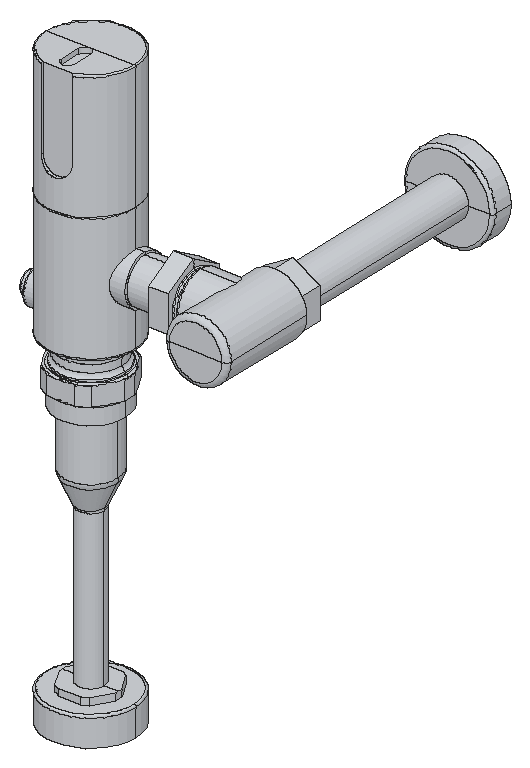
Revit family "Flushometer-Urinal_Touchless-KOHLER-MACH_WAVE-K-40UH00D20_1", category Plumbing Fixtures, host Face, Revit 2017 (continued)
Definition of nested family "K-40UH00D20"
  Automatic sketch dimensions
    Extrusion 5 sketch curve to plane 22 = 0.22748"  (x2)
    plane 4 "A" to Extrusion 5 sketch curve = 0.50098"  (x2)
    Extrusion 6 sketch curve to plane 7 = 0"  (x2)
    Extrusion 6 sketch curve to plane 22 = 0.29049"  (x2)
    plane 4 "A" to Extrusion 6 sketch curve = 0.43797"  (x2)
    Masking region 1 sketch curve to Masking region 1 sketch curve = 0"  (x4)
    Masking region 1 sketch curve to plane 19 = 0"
    plane 23 to Masking region 1 sketch curve = 0"
    Masking region 1 sketch curve to plane 13 = 0"
    Masking region 1 sketch curve to plane 3 "Center (Left/Right)" = 0"
    Masking region 1 sketch curve to plane 20 = 0"
    plane 10 to Masking region 1 sketch curve = 0"
    plane 1 "Center (Front/Back)" to Masking region 1 sketch curve = 0"
    Masking region 1 sketch curve to plane 11 = 0"
    Masking region 1 sketch curve to Masking region 1 sketch curve = 0.08491"  (x2)
    plane 19 to Masking region 1 sketch curve = 0.37406"
    plane 19 to Masking region 1 sketch curve = 0.49141"
    plane 13 to Masking region 1 sketch curve = 0.13288"
    plane 7 to Masking region 1 sketch curve = 0.56264"
    Masking region 1 sketch curve to plane 7 = 0.56264"
    plane 18 to Masking region 1 sketch curve = 0.51667"
    plane 18 to Masking region 1 sketch curve = 0.49141"
    Masking region 1 sketch curve to Masking region 1 sketch curve = 0.11735"
    plane 18 to Masking region 1 sketch curve = 0.37406"
    Masking region 1 sketch curve to Masking region 1 sketch curve = 0.0484"  (x3)
    Masking region 1 sketch curve to Masking region 1 sketch curve = 0.05396"  (x2)
    Masking region 1 sketch curve to Masking region 1 sketch curve = 0.03442"  (x2)
    Masking region 1 sketch curve to plane 9 = 0.25394"  (x2)
    plane 9 to Masking region 1 sketch curve = 0.20459"  (x2)
    plane 8 to Masking region 1 sketch curve = 0.10236"  (x2)
    Masking region 1 sketch curve to plane 8 = 0.20548"  (x2)
    Masking region 1 sketch curve to Masking region 1 sketch curve = 0.07011"  (x2)
    plane 20 to Masking region 1 sketch curve = 0.05933"  (x2)
    Masking region 1 sketch curve to plane 10 = 0.3"  (x2)
    plane 10 to Masking region 1 sketch curve = 0.32205"  (x2)
    plane 10 to Masking region 1 sketch curve = 0.38227"
    Masking region 1 sketch curve to Masking region 1 sketch curve = 0.11563"
    Masking region 1 sketch curve to Masking region 1 sketch curve = 0.02005"
    Masking region 1 sketch curve to Masking region 1 sketch curve = 0.09499"
    Masking region 1 sketch curve to Masking region 1 sketch curve = 0.05143"
    Masking region 1 sketch curve to Masking region 1 sketch curve = 0.11441"
    Masking region 1 sketch curve to Masking region 1 sketch curve = 0.17374"
    plane 11 to Masking region 1 sketch curve = 0.61614"
    plane 11 to Masking region 1 sketch curve = 0.51168"
    Masking region 1 sketch curve to Masking region 1 sketch curve = 0.00555"
    Masking region 1 sketch curve to Masking region 1 sketch curve = 0.23387"
    curve 5 to curve 6 = 0"  (x2)
    curve 5 to curve 7 = 0"  (x2)
    curve 5 to curve 8 = 0"  (x2)
    curve 5 to curve 12 = 0"  (x2)
    curve 6 to curve 7 = 0"  (x2)
    curve 6 to curve 8 = 0"  (x2)
    curve 6 to curve 12 = 0"  (x2)
    curve 7 to curve 8 = 0"  (x2)
    curve 7 to curve 12 = 0"  (x2)
    curve 8 to curve 12 = 0"  (x2)
    curve 36 to plane 19 = 0"
    plane 23 to curve 35 = 0"
    plane 1 "Center (Front/Back)" to curve 34 = 0"
    curve 36 to plane 18 = 0"
    plane 1 "Center (Front/Back)" to curve 7 = 0"
    curve 7 to plane 9 = 0"
    curve 12 to plane 3 "Center (Left/Right)" = 0"
    curve 13 to plane 3 "Center (Left/Right)" = 0"
    curve 6 to plane 8 = 0"
    plane 1 "Center (Front/Back)" to curve 2 = 0"
    plane 19 to curve 29 = 0.58939"
    plane 7 to curve 31 = 0.16061"
    curve 27 to plane 7 = 0.16061"
    curve 32 to plane 7 = 0.4045"
    curve 33 to plane 1 "Center (Front/Back)" = 0.20585"
    curve 33 to plane 7 = 0.4045"
    curve 27 to curve 26 = 1/2"
    curve 33 to curve 34 = 0.26481"
    plane 11 to curve 11 = 0.11619"
    plane 3 "Center (Left/Right)" to curve 11 = 0.42988"
    plane 3 "Center (Left/Right)" to curve 15 = 0.18307"
    curve 14 to curve 9 = 0.24681"
    curve 4 to plane 8 = 0.09442"
    curve 3 to plane 8 = 0.09442"
    plane 20 to curve 2 = 0.03328"
    plane 10 to curve 30 = 0.32205"
    curve 27 to curve 30 = 0"
    plane 10 to curve 21 = 0.47726"
    curve 3 to plane 1 "Center (Front/Back)" = 0.18412"
    curve 5 to curve 13 = 0.20669"
    plane 11 to curve 23 = 0.47726"
    plane 11 to curve 16 = 0.45276"
    plane 13 to curve 79 = 0.14261"
    plane 19 to curve 79 = 0.37441"
    plane 7 to curve 35 = 0.56264"
    curve 29 to curve 25 = 0.09815"
    curve 25 to curve 26 = 0.09797"
    curve 35 to plane 7 = 0.56264"
    plane 18 to curve 32 = 0.37406"
    curve 26 to curve 33 = 0.21533"
    plane 18 to curve 79 = 0.37406"
    curve 20 to curve 19 = 0.10322"
    curve 23 to curve 18 = 0"
    curve 21 to curve 18 = 0"
    curve 17 to plane 9 = 0.25394"
    plane 9 to curve 7 = 0.20459"
    plane 9 to curve 8 = 0.20459"
    plane 8 to curve 6 = 0.10236"
    plane 8 to curve 5 = 0.10236"
    curve 2 to curve 3 = 0.18117"
    curve 36 to plane 23 = 0.08491"
    curve 29 to plane 10 = 0.3"
    curve 26 to plane 10 = 0.3"
    curve 28 to plane 10 = 0.3"
    curve 26 to curve 33 = 0.11563"
    curve 19 to curve 20 = 0.03442"
    curve 21 to curve 18 = 0.13888"
    curve 7 to curve 17 = 0.05143"
    curve 1 to curve 3 = 0.12677"
    curve 22 to plane 1 "Center (Front/Back)" = 0.05692"
    plane 1 "Center (Front/Back)" to curve 24 = 0.05692"
    curve 4 to curve 1 = 0.12677"
    curve 17 to curve 8 = 0.05143"
    curve 18 to curve 23 = 0.13888"
    curve 20 to curve 19 = 0.03442"
    plane 11 to curve 32 = 0.43768"
    curve 9 to curve 12 = 0.00543"
    curve 12 to curve 11 = 0.03452"
    curve 12 to curve 10 = 0.03452"
    Revolve 11 sketch curve to level = 0"
    Revolve 11 sketch curve to plane 3 "Center (Left/Right)" = 0"  (x2)
    plane 9 to Revolve 11 sketch curve = 0"  (x3)
    plane 3 "Center (Left/Right)" to Revolve 11 sketch curve = 3/8"
    Revolve 11 sketch curve to Revolve 11 sketch curve = 0.01565"
    plane 3 "Center (Left/Right)" to Revolve 11 sketch curve = 0.41839"
    Revolve 11 sketch curve to Revolve 11 sketch curve = 0.15135"
    Revolve 11 sketch curve to Revolve 11 sketch curve = 0.30762"
    plane 9 to Revolve 11 sketch curve = 63/128"
    plane 9 to Revolve 11 sketch curve = 0.38333"
    plane 9 to Revolve 11 sketch curve = 0.32591"
    plane 16 to Revolve 11 sketch curve = 1/128"
    Revolve 11 sketch curve to Revolve 11 sketch curve = 0.07563"
    Revolve 11 sketch curve to Revolve 11 sketch curve = 0.22644"
    Revolve 11 sketch curve to Revolve 11 sketch curve = 0.05918"
    Revolve 11 sketch curve to plane 17 = 0.00832"
    Revolve 11 sketch curve to Revolve 11 sketch curve = 0.02806"
    plane 17 to Revolve 11 sketch curve = 0.03176"
    Revolve 11 sketch curve to Revolve 11 sketch curve = 0.09501"
    plane 16 to Revolve 11 sketch curve = 0.02105"
    Revolve 11 sketch curve to Revolve 11 sketch curve = 0.07509"
    plane 9 to Revolve 11 sketch curve = 0.11631"
    Revolve 11 sketch curve to Revolve 11 sketch curve = 0.05712"
    plane 16 to Revolve 11 sketch curve = 0.04719"
    Revolve 11 sketch curve to Revolve 11 sketch curve = 0.0147"  (x2)
    Revolve 11 sketch curve to plane 17 = 0.05784"
    Revolve 11 sketch curve to Revolve 11 sketch curve = 11/256"
    plane 9 to Revolve 11 sketch curve = 0.06795"
    plane 9 to Revolve 11 sketch curve = 0.05891"
    plane 9 to Revolve 11 sketch curve = 0.03642"
    Revolve 11 sketch curve to Revolve 11 sketch curve = 0.03287"
    Revolve 11 sketch curve to Revolve 11 sketch curve = 0.03235"
    Revolve 11 sketch curve to Revolve 11 sketch curve = 0.02814"
    level to Revolve 11 sketch curve = 0.75359"
    Revolve 11 sketch curve to Revolve 11 sketch curve = 3/16"
    plane 17 to Revolve 11 sketch curve = 3.01711"
    Revolve 11 sketch curve to Revolve 11 sketch curve = 0.71919"
    plane 17 to Revolve 11 sketch curve = 0.47885"
    Revolve 11 sketch curve to plane 16 = 0.03563"
    Revolve 11 sketch curve to Revolve 11 sketch curve = 0.20814"
    plane 14 to Revolve 11 sketch curve = 0.44548"
    Revolve 11 sketch curve to plane 6 = 2 3/4"
    Revolve 11 sketch curve to Revolve 11 sketch curve = 2 3/4"
    Masking region 3 sketch curve to plane 13 = 0"
    Masking region 3 sketch curve to plane 11 = 0"  (x4)
    plane 16 to Masking region 3 sketch curve = 0"  (x2)
    plane 17 to Masking region 3 sketch curve = 0"  (x2)
    Masking region 3 sketch curve to plane 10 = 0"  (x4)
    Masking region 3 sketch curve to plane 23 = 0"
    Masking region 3 sketch curve to plane 14 = 0"
    Masking region 3 sketch curve to plane 13 = 0.60717"
    plane 13 to Masking region 3 sketch curve = 0.14718"  (x2)
    Masking region 3 sketch curve to Masking region 3 sketch curve = 0.02816"  (x2)
    plane 11 to Masking region 3 sketch curve = 0.0311"
    plane 11 to Masking region 3 sketch curve = 0.0361"
    plane 11 to Masking region 3 sketch curve = 0.05371"
    Masking region 3 sketch curve to Masking region 3 sketch curve = 0.05988"  (x2)
    Masking region 3 sketch curve to Masking region 3 sketch curve = 0.04483"
    plane 6 to Masking region 3 sketch curve = 0.0382"
    plane 11 to Masking region 3 sketch curve = 0.07624"
    plane 11 to Masking region 3 sketch curve = 0.20067"
    Masking region 3 sketch curve to Masking region 3 sketch curve = 0.01587"
    Masking region 3 sketch curve to Masking region 3 sketch curve = 0.04921"  (x2)
    Masking region 3 sketch curve to plane 16 = 0.03563"  (x2)
    Masking region 3 sketch curve to Masking region 3 sketch curve = 0.09116"
    Masking region 3 sketch curve to Masking region 3 sketch curve = 0.18237"
    Masking region 3 sketch curve to Masking region 3 sketch curve = 0.22644"
    Masking region 3 sketch curve to Masking region 3 sketch curve = 0.45743"
    Masking region 3 sketch curve to Masking region 3 sketch curve = 0.03497"
    plane 11 to Masking region 3 sketch curve = 0.62119"
    Masking region 3 sketch curve to Masking region 3 sketch curve = 0.23025"  (x2)
    Masking region 3 sketch curve to Masking region 3 sketch curve = 0.3732"
    Masking region 3 sketch curve to Masking region 3 sketch curve = 0.0238"  (x2)
    Masking region 3 sketch curve to plane 1 "Center (Front/Back)" = 0.37476"
    Masking region 3 sketch curve to plane 1 "Center (Front/Back)" = 0.38461"
    Masking region 3 sketch curve to Masking region 3 sketch curve = 0.33824"
    Masking region 3 sketch curve to Masking region 3 sketch curve = 0.35793"
    plane 10 to Masking region 3 sketch curve = 63/128"
    plane 10 to Masking region 3 sketch curve = 0.38304"
    Masking region 3 sketch curve to Masking region 3 sketch curve = 0.07534"
    plane 10 to Masking region 3 sketch curve = 0.26575"
    Masking region 3 sketch curve to Masking region 3 sketch curve = 0.10702"
    plane 10 to Masking region 3 sketch curve = 0.07299"
    plane 10 to Masking region 3 sketch curve = 0.05371"
    plane 6 to Masking region 3 sketch curve = 0.04025"
    Masking region 3 sketch curve to Masking region 3 sketch curve = 0.03503"
    Masking region 3 sketch curve to Masking region 3 sketch curve = 0.03194"
    Masking region 3 sketch curve to plane 14 = 0.0804"
    Masking region 3 sketch curve to plane 5 = 0.0179"
    level to Masking region 3 sketch curve = 0.75262"
    Masking region 3 sketch curve to Masking region 3 sketch curve = 0.75262"
    Masking region 3 sketch curve to Masking region 3 sketch curve = 3/16"  (x2)
    plane 17 to Masking region 3 sketch curve = 3.04236"
    Masking region 3 sketch curve to Masking region 3 sketch curve = 0"
    Masking region 3 sketch curve to Masking region 3 sketch curve = 0.69543"  (x2)
    plane 17 to Masking region 3 sketch curve = 0.47885"  (x2)
    Masking region 3 sketch curve to Masking region 3 sketch curve = 0.18862"  (x2)
    plane 22 to Masking region 3 sketch curve = 0.14583"
    Masking region 3 sketch curve to plane 22 = 0.1665"
    plane 4 "A" to Masking region 3 sketch curve = 0.56196"
    Masking region 3 sketch curve to plane 14 = 0.52288"
    Masking region 3 sketch curve to plane 14 = 0.37406"
    plane 14 to Masking region 3 sketch curve = 0.4426"
    Masking region 3 sketch curve to Masking region 3 sketch curve = 0.82671"
    Revolve 12 sketch curve to plane 8 = 0"  (x2)
    Revolve 12 sketch curve to level = 0"
    Revolve 12 sketch curve to plane 3 "Center (Left/Right)" = 0"  (x2)
    plane 8 to Revolve 12 sketch curve = 63/128"
    Revolve 12 sketch curve to plane 3 "Center (Left/Right)" = 3/8"
    Revolve 12 sketch curve to Revolve 12 sketch curve = 0.81496"
    plane 17 to Revolve 12 sketch curve = 2.95353"
    plane 17 to Revolve 12 sketch curve = 0.47885"
    Revolve 12 sketch curve to Revolve 12 sketch curve = 1 1/2"
    Revolve 12 sketch curve to Revolve 12 sketch curve = 1"
    Revolve 13 sketch curve to plane 7 = 0"
    Revolve 13 sketch curve to Revolve 13 sketch curve = 0.3133"
    plane 12 to Revolve 13 sketch curve = 0.84583"
    Revolve 13 sketch curve to Revolve 13 sketch curve = 1/2"
    Revolve 3 sketch curve to Revolve 3 sketch curve = 0.05745"
    Masking region 2 sketch curve to plane 20 = 0"
    Masking region 2 sketch curve to plane 22 = 0"
    Masking region 2 sketch curve to plane 8 = 0"  (x4)
    Masking region 2 sketch curve to plane 16 = 0"
    Masking region 2 sketch curve to plane 17 = 0"
    plane 9 to Masking region 2 sketch curve = 0"  (x4)
    Masking region 2 sketch curve to plane 4 "A" = 0"
    Masking region 2 sketch curve to plane 7 = 0"
    plane 20 to Masking region 2 sketch curve = 0.06015"
    Masking region 2 sketch curve to Masking region 2 sketch curve = 0.06015"
    Masking region 2 sketch curve to Masking region 2 sketch curve = 0.16426"  (x2)
    Masking region 2 sketch curve to Masking region 2 sketch curve = 0.02512"
    Masking region 2 sketch curve to Masking region 2 sketch curve = 0.0612"
    Masking region 2 sketch curve to plane 8 = 0.09402"
    Masking region 2 sketch curve to plane 22 = 0.03555"
    Masking region 2 sketch curve to Masking region 2 sketch curve = 0.05138"
    plane 8 to Masking region 2 sketch curve = 0.02746"
    plane 8 to Masking region 2 sketch curve = 0.03129"
    Masking region 2 sketch curve to Masking region 2 sketch curve = 0.00106"
    Masking region 2 sketch curve to Masking region 2 sketch curve = 0.03607"  (x2)
    plane 8 to Masking region 2 sketch curve = 0.05773"
    plane 8 to Masking region 2 sketch curve = 0.07626"
    plane 8 to Masking region 2 sketch curve = 0.16319"
    Masking region 2 sketch curve to Masking region 2 sketch curve = 0.04228"
    Masking region 2 sketch curve to Masking region 2 sketch curve = 0.00475"
    Masking region 2 sketch curve to Masking region 2 sketch curve = 0.06286"
    plane 8 to Masking region 2 sketch curve = 0.26575"
    Masking region 2 sketch curve to Masking region 2 sketch curve = 0.10223"  (x2)
    Masking region 2 sketch curve to Masking region 2 sketch curve = 0.07532"  (x2)
    Masking region 2 sketch curve to Masking region 2 sketch curve = 13/32"
    plane 8 to Masking region 2 sketch curve = 63/128"
    Masking region 2 sketch curve to Masking region 2 sketch curve = 0.02861"  (x2)
    Masking region 2 sketch curve to plane 3 "Center (Left/Right)" = 0.51608"
    Masking region 2 sketch curve to Masking region 2 sketch curve = 0.27675"  (x2)
    Masking region 2 sketch curve to Masking region 2 sketch curve = 0.12786"  (x2)
    Masking region 2 sketch curve to Masking region 2 sketch curve = 0.01322"  (x2)
    plane 3 "Center (Left/Right)" to Masking region 2 sketch curve = 3/8"
    plane 3 "Center (Left/Right)" to Masking region 2 sketch curve = 0.45245"
    Masking region 2 sketch curve to Masking region 2 sketch curve = 0.41103"
    plane 9 to Masking region 2 sketch curve = 0.38302"
    Masking region 2 sketch curve to plane 16 = 0.03563"  (x2)
    Masking region 2 sketch curve to Masking region 2 sketch curve = 0.22644"
    plane 17 to Masking region 2 sketch curve = 0.0397"
    Masking region 2 sketch curve to Masking region 2 sketch curve = 0.1728"
    plane 16 to Masking region 2 sketch curve = 0.04228"
    plane 9 to Masking region 2 sketch curve = 0.07626"
    Masking region 2 sketch curve to Masking region 2 sketch curve = 0.05773"
    Masking region 2 sketch curve to Masking region 2 sketch curve = 0.03235"
    Masking region 2 sketch curve to Masking region 2 sketch curve = 0.03129"
    Masking region 2 sketch curve to Masking region 2 sketch curve = 0.02746"
    Masking region 2 sketch curve to plane 9 = 0.25394"  (x2)
    Masking region 2 sketch curve to plane 22 = 0.09489"
    plane 22 to Masking region 2 sketch curve = 0.00986"
    plane 25 to Masking region 2 sketch curve = 0.03302"
    Masking region 2 sketch curve to Masking region 2 sketch curve = 0.03381"
    Masking region 2 sketch curve to Masking region 2 sketch curve = 0.0702"
    Masking region 2 sketch curve to Masking region 2 sketch curve = 0.0694"
    Masking region 2 sketch curve to Masking region 2 sketch curve = 0.05689"  (x2)
    plane 22 to Masking region 2 sketch curve = 0.02587"
    Masking region 2 sketch curve to plane 18 = 0.0569"
    Masking region 2 sketch curve to Masking region 2 sketch curve = 0.04087"
    plane 18 to Masking region 2 sketch curve = 0.29977"
    plane 22 to Masking region 2 sketch curve = 0.08367"
    level to Masking region 2 sketch curve = 0.75477"  (x2)
    Masking region 2 sketch curve to Masking region 2 sketch curve = 3/16"  (x2)
    Masking region 2 sketch curve to Masking region 2 sketch curve = 2.53431"
    Masking region 2 sketch curve to Masking region 2 sketch curve = 0"  (x2)
    Masking region 2 sketch curve to Masking region 2 sketch curve = 0.73124"  (x2)
    Masking region 2 sketch curve to Masking region 2 sketch curve = 0.43915"
    Masking region 2 sketch curve to Masking region 2 sketch curve = 0.21605"  (x2)
    Masking region 2 sketch curve to Masking region 2 sketch curve = 0.12445"
    Masking region 2 sketch curve to Masking region 2 sketch curve = 0.12282"
    Masking region 2 sketch curve to plane 5 = 0.18553"
    plane 22 to Masking region 2 sketch curve = 0.2083"
    Masking region 2 sketch curve to plane 22 = 0.04318"
    Masking region 2 sketch curve to Masking region 2 sketch curve = 0.07381"
    Masking region 2 sketch curve to Masking region 2 sketch curve = 0.0578"
    plane 14 to Masking region 2 sketch curve = 0.44707"  (x2)
    Masking region 2 sketch curve to Masking region 2 sketch curve = 0.03039"
    curve 68 to curve 75 = 0.55118"
    Masking region 1 sketch curve to plane 18 = 0.0523"  (x2)
    Masking region 1 sketch curve to Masking region 1 sketch curve = 0.06879"  (x2)
    Masking region 1 sketch curve to Masking region 1 sketch curve = 0.55118"  (x2)
    Masking region 2 sketch curve to plane 25 = 0"  (x2)
    Revolve 16 sketch curve to plane 3 "Center (Left/Right)" = 0"
    Revolve 16 sketch curve to plane 7 = 0"
    Revolve 16 sketch curve to plane 14 = 0.43786"
    Revolve 16 sketch curve to plane 14 = 0.24803"
    Revolve 16 sketch curve to Revolve 16 sketch curve = 1/2"
    Revolve 16 sketch curve to plane 8 = 1/4"
    plane 1 "Center (Front/Back)" to Extrusion 17 sketch curve = 0"
    Extrusion 17 sketch curve to plane 3 "Center (Left/Right)" = 0"
    radius of Extrusion 1 sketch curve = 1.31929"
    radius of Extrusion 2 sketch curve = 1.08041"
    radius of Extrusion 5 sketch curve = 1.18947"
    radius of Extrusion 6 sketch curve = 1.06894"
    radius of Extrusion 14 sketch curve = 0.49459"
    radius of Extrusion 15 sketch curve = 0.22469"
    radius of Extrusion 17 sketch curve = 0.0897"
Definition of nested family "K-40UH00D20_RF"
  Parameters (values of type "K-40UH00D20_RF")
    Material = none
  Reference planes (in)
    plane 1 "Center (Front/Back)": y = 0
    plane 2: z = 0
    plane 3 "Center (Left/Right)": x = 0
    plane 4: x = -1.25
    plane 5: x = 1.25
    plane 6: y = 1.25
    plane 7: y = -1.25
    plane 8: x = 3.5
    plane 9: x = -1.75
    plane 10: z = 8.0625
    plane 11: z = 2.75
    plane 12: z = 1.625
    plane 13: z = 3.41339
    plane 14: z = 2.08661
  Forms (in)
    Revolve 1, solid, material <- "Material", detail levels medium+fine
      sketch origin (0, 0, 0) x (1, 0, 0) y (0, 0, 1)
        loop
          line (-0.88082, 0) -> (0, 0) -> (0, 8.0625) -> (-1.14375, 8.0625)
          arc (-1.14375, 8.0625) -> (-1.21888, 8.03138) -> (-1.25, 7.95625) r 0.10625
          line (-1.25, 7.95625) -> (-1.25, 4.50787) -> (-1.21881, 4.50787)
          arc (-1.21881, 4.50787) -> (-1.24098, 4.4975) -> (-1.25, 4.47475) r 0.03319
          line (-1.25, 4.47475) -> (-1.25, 0.99317)
          arc (-1.25, 0.99317) -> (-1.23586, 0.95902) -> (-1.20172, 0.94488) r 0.04828
          line (-1.20172, 0.94488) -> (-1.14484, 0.94488)
          arc (-1.14484, 0.94488) -> (-0.94613, 0.8404) -> (-0.86657, 0.63047) r 0.31676
          line (-0.86657, 0.63047) -> (-0.86657, 0.39337)
          arc (-0.86657, 0.39337) -> (-0.88525, 0.32461) -> (-0.93614, 0.27475) r 0.13591
          line (-0.93614, 0.27475) -> (-0.93614, 0.05532)
          arc (-0.93614, 0.05532) -> (-0.91994, 0.0162) -> (-0.88082, 0) r 0.05532
        axis (0, 8.0625) -> (0, 0)
      angle from 0 to 360
    Revolve 2, solid, material <- "Material", detail levels medium+fine
      sketch origin (0, 0, 0) x (1, 0, 0) y (0, 0, 1)
        loop
          line (-1.56851, 1.90216) -> (-1.72648, 1.90216)
          arc (-1.72648, 1.90216) -> (-1.74311, 1.89527) -> (-1.75, 1.87864) r 0.02352
          line (-1.75, 1.87864) -> (-1.75, 1.625) -> (-0.80386, 1.625) -> (-0.80386, 2.12686) -> (-1.50097, 2.12686)
          arc (-1.50097, 2.12686) -> (-1.51838, 2.11965) -> (-1.52559, 2.10224) r 0.02462
          line (-1.52559, 2.10224) -> (-1.52559, 1.94508)
          arc (-1.52559, 1.94508) -> (-1.53816, 1.91473) -> (-1.56851, 1.90216) r 0.04292
        axis (-1.75, 1.625) -> (-0.80386, 1.625)
      angle from 0 to 360
    Revolve 3, solid, material <- "Material", detail levels medium+fine
      sketch origin (0, 0, 0) x (1, 0, 0) y (0, 0, 1)
        loop
          arc (3.5, 3.69017) -> (3.47483, 3.75093) -> (3.41406, 3.7761) r 0.08594
          line (3.41406, 3.7761) -> (3.02725, 3.7761)
          arc (3.02725, 3.7761) -> (2.96622, 3.75083) -> (2.94094, 3.6898) r 0.08631
          line (2.94094, 3.6898) -> (2.94094, 3.41339) -> (1.50394, 3.41339)
          arc (1.50394, 3.41339) -> (1.48689, 3.45104) -> (1.44853, 3.46644) r 0.05546
          line (1.44853, 3.46644) -> (0, 3.46644) -> (0, 2.75) -> (3.5, 2.75) -> (3.5, 3.69017)
        axis (0, 2.75) -> (3.5, 2.75)
      angle from 0 to 360
    Extrusion 4, void
      sketch origin (0, 0, 0) x (1, 0, 0) y (0, 0, 1)
        loop
          line (-1.50119, 2.08661) -> (-1.36715, 2.08661)
          arc (-1.36715, 2.08661) -> (-1.35018, 2.09038) -> (-1.33639, 2.10096) r 0.04016
          line (-1.33639, 2.10096) -> (-1.29886, 2.14569) -> (-1.52559, 2.14569) -> (-1.52559, 2.06221)
          arc (-1.52559, 2.06221) -> (-1.51844, 2.07947) -> (-1.50119, 2.08661) r 0.0244
        loop
          arc (-1.50119, 1.16339) -> (-1.51844, 1.17053) -> (-1.52559, 1.18779) r 0.0244
          line (-1.52559, 1.18779) -> (-1.52559, 1.10431) -> (-1.29886, 1.10431) -> (-1.33639, 1.14904)
          arc (-1.33639, 1.14904) -> (-1.35018, 1.15962) -> (-1.36715, 1.16339) r 0.04016
          line (-1.36715, 1.16339) -> (-1.50119, 1.16339)
      from -0.68678 to 0.88583
    Extrusion 5, void
      sketch origin (0, 0, 0) x (0, 1, 0) y (0, 0, 1)
        loop
          line (0.07137, 3.73166) -> (-0.07137, 3.73166) -> (-0.81446, 3.30264) -> (-0.88583, 3.17903) -> (-0.88583, 2.32097) -> (-0.81446, 2.19736) -> (-0.05091, 1.75653) -> (0.05091, 1.75653) -> (0.81446, 2.19736) -> (0.88583, 2.32097) -> (0.88583, 3.17903) -> (0.81446, 3.30264) -> (0.07137, 3.73166)
        loop
          circle (0, 2.75) r 1.31266
      from 2.77746 to 3.82054
    Extrusion 6, void
      sketch origin (0, 0, 0) x (1, 0, 0) y (0, 1, 0)
        loop
          line (-0.1811, -0.20669) -> (-0.1811, -0.79724)
          arc (-0.1811, -0.79724) -> (0, -0.97835) -> (0.1811, -0.79724) r 0.1811
          line (0.1811, -0.79724) -> (0.1811, -0.20669)
          arc (0.1811, -0.20669) -> (0, -0.02559) -> (-0.1811, -0.20669) r 0.1811
      from 8.01842 to 8.37387
    Sweep 7, void
      path origin (0, 0, 0) x (0, 1, 0) y (0, 0, 1)
        loop
          line (-1.18134, 9.15133) -> (-1.18134, 5.77936)
          arc (-1.18134, 5.77936) -> (-1.23122, 5.4282) -> (-1.37691, 5.10481) r 1.26114
      profile origin (0, -1.18134, 7.46535) x (1, 0, 0) y (0, 1, 0)
        loop
          line (0.43832, 0) -> (-0.43832, 0) -> (-0.43832, -0.13731) -> (0.43832, -0.13731) -> (0.43832, 0)
    Revolve 8, solid, material <- "Material", detail levels coarse
      sketch origin (0, 0, 0) x (1, 0, 0) y (0, 0, 1)
        loop
          line (-1.25, 8.0625) -> (-1.25, 0.94488) -> (-0.93614, 0.94488) -> (-0.93614, 0) -> (0, 0) -> (0, 8.0625) -> (-1.25, 8.0625)
        axis (0, 8.0625) -> (0, 0)
      angle from 0 to 360
    Revolve 9, solid, material <- "Material", detail levels coarse
      sketch origin (0, 0, 0) x (1, 0, 0) y (0, 0, 1)
        loop
          line (0, 3.41339) -> (0, 2.75) -> (3.5, 2.75) -> (3.5, 3.73166) -> (2.94094, 3.73166) -> (2.94094, 3.41339) -> (0, 3.41339)
        axis (0, 2.75) -> (3.5, 2.75)
      angle from 0 to 360
    Revolve 10, solid, material <- "Material", detail levels coarse
      sketch origin (0, 0, 0) x (1, 0, 0) y (0, 0, 1)
        loop
          line (-1.75, 2.08661) -> (-1.75, 1.625) -> (-0.84874, 1.625) -> (-0.84874, 2.08661) -> (-1.75, 2.08661)
        axis (-1.75, 1.625) -> (-0.84874, 1.625)
      angle from 0 to 360
    Extrusion 11, solid, material <- "Material", detail levels medium+fine
      sketch origin (0, 0, 0) x (0, 1, 0) y (0, 0, 1)
        loop
          circle (0, 2.75) r 0.09716
      from 3.30818 to 3.5
    Extrusion 12, solid, material <- "Material", detail levels medium+fine
      sketch origin (0, 0, 0) x (1, 0, 0) y (0, 1, 0)
        loop
          circle (0, 0) r 0.12586
      from 0 to 0.11998
  Cuts and joins
    Extrusion 6, Sweep 7 cuts Revolve 1
    Extrusion 4 cuts Revolve 2
    Extrusion 5 cuts Revolve 3
    joined: Revolve 1, Revolve 2, Revolve 3
  Lines and regions (in)
    Masking region 1
      outline origin (0, 0, 0) x (1, 0, 0) y (0, 0, 1)
        loop
          line (-0.93614, 0.27475) -> (-0.93614, 0.05532)
          arc (-0.93614, 0.05532) -> (-0.91994, 0.0162) -> (-0.88082, 0) r 0.05532
          line (-0.88082, 0) -> (0.88082, 0)
          arc (0.88082, 0) -> (0.91994, 0.0162) -> (0.93614, 0.05532) r 0.05532
          line (0.93614, 0.05532) -> (0.93614, 0.27475)
          arc (0.93614, 0.27475) -> (0.88525, 0.32461) -> (0.86657, 0.39337) r 0.13591
          line (0.86657, 0.39337) -> (0.86657, 0.63047)
          arc (0.86657, 0.63047) -> (0.94613, 0.8404) -> (1.14484, 0.94488) r 0.31676
          line (1.14484, 0.94488) -> (1.20172, 0.94488)
          arc (1.20172, 0.94488) -> (1.23586, 0.95902) -> (1.25, 0.99317) r 0.04828
          line (1.25, 0.99317) -> (1.25, 1.8773)
          arc (1.25, 1.8773) -> (1.29576, 1.98778) -> (1.40625, 2.03355) r 0.15625
          line (1.40625, 2.03355) -> (1.44594, 2.03355)
          arc (1.44594, 2.03355) -> (1.48524, 2.04882) -> (1.50394, 2.08661) r 0.05823
          line (1.50394, 2.08661) -> (2.94094, 2.08661) -> (2.94094, 1.8236)
          arc (2.94094, 1.8236) -> (2.95713, 1.78452) -> (2.9962, 1.76834) r 0.05526
          line (2.9962, 1.76834) -> (3.44424, 1.76834)
          arc (3.44424, 1.76834) -> (3.48367, 1.78467) -> (3.5, 1.82409) r 0.05576
          line (3.5, 1.82409) -> (3.5, 3.67591)
          arc (3.5, 3.67591) -> (3.48367, 3.71533) -> (3.44424, 3.73166) r 0.05576
          line (3.44424, 3.73166) -> (2.9962, 3.73166)
          arc (2.9962, 3.73166) -> (2.95713, 3.71548) -> (2.94094, 3.6764) r 0.05526
          line (2.94094, 3.6764) -> (2.94094, 3.41339) -> (1.50394, 3.41339)
          arc (1.50394, 3.41339) -> (1.48524, 3.45118) -> (1.44594, 3.46645) r 0.05823
          line (1.44594, 3.46645) -> (1.40682, 3.46645)
          arc (1.40682, 3.46645) -> (1.29593, 3.51238) -> (1.25, 3.62327) r 0.15682
          line (1.25, 3.62327) -> (1.25, 4.47475)
          arc (1.25, 4.47475) -> (1.24098, 4.4975) -> (1.21881, 4.50787) r 0.03319
          line (1.21881, 4.50787) -> (1.25, 4.50787) -> (1.25, 7.95625)
          arc (1.25, 7.95625) -> (1.21888, 8.03138) -> (1.14375, 8.0625) r 0.10625
          line (1.14375, 8.0625) -> (-1.14375, 8.0625)
          arc (-1.14375, 8.0625) -> (-1.21888, 8.03138) -> (-1.25, 7.95625) r 0.10625
          line (-1.25, 7.95625) -> (-1.25, 4.50787) -> (-1.21881, 4.50787)
          arc (-1.21881, 4.50787) -> (-1.24098, 4.4975) -> (-1.25, 4.47475) r 0.03319
          line (-1.25, 4.47475) -> (-1.25, 2.12686) -> (-1.31466, 2.12686) -> (-1.33639, 2.10096)
          arc (-1.33639, 2.10096) -> (-1.35018, 2.09038) -> (-1.36715, 2.08661) r 0.04016
          line (-1.36715, 2.08661) -> (-1.50283, 2.08661)
          arc (-1.50283, 2.08661) -> (-1.51937, 2.07976) -> (-1.52623, 2.06322) r 0.0234
          line (-1.52623, 2.06322) -> (-1.52623, 1.94441)
          arc (-1.52623, 1.94441) -> (-1.53855, 1.91466) -> (-1.56831, 1.90233) r 0.04208
          line (-1.56831, 1.90233) -> (-1.72594, 1.90233)
          arc (-1.72594, 1.90233) -> (-1.74295, 1.89529) -> (-1.75, 1.87827) r 0.02406
          line (-1.75, 1.87827) -> (-1.75, 1.625) -> (-1.75, 1.37173)
          arc (-1.75, 1.37173) -> (-1.74295, 1.35471) -> (-1.72594, 1.34767) r 0.02406
          line (-1.72594, 1.34767) -> (-1.56831, 1.34767)
          arc (-1.56831, 1.34767) -> (-1.53855, 1.33534) -> (-1.52623, 1.30559) r 0.04208
          line (-1.52623, 1.30559) -> (-1.52623, 1.18678)
          arc (-1.52623, 1.18678) -> (-1.51937, 1.17024) -> (-1.50283, 1.16339) r 0.0234
          line (-1.50283, 1.16339) -> (-1.36715, 1.16339)
          arc (-1.36715, 1.16339) -> (-1.35018, 1.15962) -> (-1.33639, 1.14904) r 0.04016
          line (-1.33639, 1.14904) -> (-1.31466, 1.12314) -> (-1.25, 1.12314) -> (-1.25, 0.99317)
          arc (-1.25, 0.99317) -> (-1.23586, 0.95902) -> (-1.20172, 0.94488) r 0.04828
          line (-1.20172, 0.94488) -> (-1.14484, 0.94488)
          arc (-1.14484, 0.94488) -> (-0.94613, 0.8404) -> (-0.86657, 0.63047) r 0.31676
          line (-0.86657, 0.63047) -> (-0.86657, 0.39337)
          arc (-0.86657, 0.39337) -> (-0.88525, 0.32461) -> (-0.93614, 0.27475) r 0.13591
    Masking region 2
      outline origin (0, 0, 0) x (1, 0, 0) y (0, 1, 0)
        loop
          line (-1.14484, 0.50183) -> (-1.49599, 0.50183)
          arc (-1.49599, 0.50183) -> (-1.51709, 0.49309) -> (-1.52583, 0.472) r 0.02983
          line (-1.52583, 0.472) -> (-1.52583, 0.3243)
          arc (-1.52583, 0.3243) -> (-1.5396, 0.29104) -> (-1.57287, 0.27726) r 0.04704
          line (-1.57287, 0.27726) -> (-1.7247, 0.27726)
          arc (-1.7247, 0.27726) -> (-1.74259, 0.26985) -> (-1.75, 0.25196) r 0.0253
          line (-1.75, 0.25196) -> (-1.75, -0.25196)
          arc (-1.75, -0.25196) -> (-1.74259, -0.26985) -> (-1.7247, -0.27726) r 0.0253
          line (-1.7247, -0.27726) -> (-1.57287, -0.27726)
          arc (-1.57287, -0.27726) -> (-1.5396, -0.29104) -> (-1.52583, -0.3243) r 0.04704
          line (-1.52583, -0.3243) -> (-1.52583, -0.472)
          arc (-1.52583, -0.472) -> (-1.51709, -0.49309) -> (-1.49599, -0.50183) r 0.02983
          line (-1.49599, -0.50183) -> (-1.14484, -0.50183)
          arc (-1.14484, -0.50183) -> (-0.68382, -1.04637) -> (0, -1.25) r 1.25
          arc (0, -1.25) -> (0.57744, -1.10863) -> (1.02427, -0.71651) r 1.25
          line (1.02427, -0.71651) -> (1.44979, -0.71651)
          arc (1.44979, -0.71651) -> (1.48772, -0.70101) -> (1.50394, -0.66339) r 0.05415
          line (1.50394, -0.66339) -> (2.94094, -0.66339) -> (2.94094, -0.81485)
          arc (2.94094, -0.81485) -> (2.96173, -0.86504) -> (3.01192, -0.88583) r 0.07098
          line (3.01192, -0.88583) -> (3.42969, -0.88583)
          arc (3.42969, -0.88583) -> (3.47941, -0.86523) -> (3.5, -0.81551) r 0.07031
          line (3.5, -0.81551) -> (3.5, 0.81551)
          arc (3.5, 0.81551) -> (3.47941, 0.86523) -> (3.42969, 0.88583) r 0.07031
          line (3.42969, 0.88583) -> (3.01192, 0.88583)
          arc (3.01192, 0.88583) -> (2.96173, 0.86504) -> (2.94094, 0.81485) r 0.07098
          line (2.94094, 0.81485) -> (2.94094, 0.66339) -> (1.50394, 0.66339)
          arc (1.50394, 0.66339) -> (1.48772, 0.70101) -> (1.44979, 0.71651) r 0.05415
          line (1.44979, 0.71651) -> (1.02427, 0.71651)
          arc (1.02427, 0.71651) -> (0.57744, 1.10863) -> (0, 1.25) r 1.25
          arc (0, 1.25) -> (-0.68382, 1.04637) -> (-1.14484, 0.50183) r 1.25
    Masking region 3
      outline origin (0, 0, 0) x (0, 1, 0) y (0, 0, 1)
        loop
          arc (0.93614, 0.27475) -> (0.88525, 0.32461) -> (0.86657, 0.39337) r 0.13591
          line (0.86657, 0.39337) -> (0.86657, 0.63047)
          arc (0.86657, 0.63047) -> (0.94613, 0.8404) -> (1.14484, 0.94488) r 0.31676
          line (1.14484, 0.94488) -> (1.20172, 0.94488)
          arc (1.20172, 0.94488) -> (1.23586, 0.95902) -> (1.25, 0.99317) r 0.04828
          line (1.25, 0.99317) -> (1.25, 1.12621) -> (1.25, 4.47475)
          arc (1.25, 4.47475) -> (1.24098, 4.4975) -> (1.21881, 4.50787) r 0.03319
          line (1.21881, 4.50787) -> (1.25, 4.50787) -> (1.25, 7.95625)
          arc (1.25, 7.95625) -> (1.21888, 8.03138) -> (1.14375, 8.0625) r 0.10625
          line (1.14375, 8.0625) -> (-1.07588, 8.0625)
          arc (-1.07588, 8.0625) -> (-1.15045, 8.03161) -> (-1.18134, 7.95703) r 0.10547
          line (-1.18134, 7.95703) -> (-1.18134, 5.77936)
          arc (-1.18134, 5.77936) -> (-1.19863, 5.5713) -> (-1.25, 5.36893) r 1.26114
          line (-1.25, 5.36893) -> (-1.25, 4.50787) -> (-1.21881, 4.50787)
          arc (-1.21881, 4.50787) -> (-1.24098, 4.4975) -> (-1.25, 4.47475) r 0.03319
          line (-1.25, 4.47475) -> (-1.25, 1.12621) -> (-1.25, 0.99317)
          arc (-1.25, 0.99317) -> (-1.23586, 0.95902) -> (-1.20172, 0.94488) r 0.04828
          line (-1.20172, 0.94488) -> (-1.14484, 0.94488)
          arc (-1.14484, 0.94488) -> (-0.94613, 0.8404) -> (-0.86657, 0.63047) r 0.31676
          line (-0.86657, 0.63047) -> (-0.86657, 0.39337)
          arc (-0.86657, 0.39337) -> (-0.88525, 0.32461) -> (-0.93614, 0.27475) r 0.13591
          line (-0.93614, 0.27475) -> (-0.93614, 0.05532)
          arc (-0.93614, 0.05532) -> (-0.91994, 0.0162) -> (-0.88082, 0) r 0.05532
          line (-0.88082, 0) -> (0.88082, 0)
          arc (0.88082, 0) -> (0.91994, 0.0162) -> (0.93614, 0.05532) r 0.05532
          line (0.93614, 0.05532) -> (0.93614, 0.27475)
    symbolic lines, detail levels medium+fine
      curve 1: line (-0.93614, 0, 0.27475) -> (0.93614, 0, 0.27475)
      curve 2: line (-0.93614, 0, 0.05532) -> (0.93614, 0, 0.05532)
      curve 3: line (-1.14484, 0, 0.94488) -> (1.14484, 0, 0.94488)
      curve 4: line (-0.86657, 0, 0.63047) -> (0.86657, 0, 0.63047)
      curve 5: line (-1.52623, 0, 1.94441) -> (-1.52623, 0, 1.30559)
      curve 6: arc (-1.13414, 0, 1.625) -> (-1.17097, 0, 1.8808) -> (-1.25, 0, 2.12686) r 1.54253
      curve 7: arc (-1.13414, 0, 1.625) -> (-1.17097, 0, 1.3692) -> (-1.25, 0, 1.12314) r 1.54253
      curve 8: line (-1.21881, 0, 4.50787) -> (1.21881, 0, 4.50787)
      curve 9: line (-0.40856, 0, 5.77936) -> (-0.40856, 0, 8.0625)
      curve 10: line (0.40856, 0, 5.77936) -> (-0.40856, 0, 5.77936)
      curve 11: line (0.40856, 0, 8.0625) -> (0.40856, 0, 5.77936)
      curve 12: line (1.50394, 0, 3.41339) -> (1.50394, 0, 2.08661)
      curve 13: arc (1.00394, 0, 2.75) -> (1.08452, 0, 3.19859) -> (1.25, 0, 3.62327) r 2.35517
      curve 14: arc (1.00394, 0, 2.75) -> (1.08452, 0, 2.30141) -> (1.25, 0, 1.87673) r 2.35517
      curve 15: line (2.94094, 0, 3.41339) -> (2.94094, 0, 2.08661)
      curve 16: line (3.05661, 0, 3.30264) -> (3.05661, 0, 3.17903)
      curve 17: line (3.05661, 0, 3.17903) -> (3.47221, 0, 3.17903)
      curve 18: line (3.05661, 0, 3.30264) -> (3.47221, 0, 3.30264)
      curve 19: line (3.47221, 0, 3.30264) -> (3.47221, 0, 3.17903)
      curve 20: line (3.05661, 0, 2.19736) -> (3.05661, 0, 2.32097)
      curve 21: line (3.05661, 0, 2.32097) -> (3.47221, 0, 2.32097)
      curve 22: line (3.05661, 0, 2.19736) -> (3.47221, 0, 2.19736)
      curve 23: line (3.47221, 0, 2.19736) -> (3.47221, 0, 2.32097)
      curve 24: arc (2.94094, 0, 3.41339) -> (2.97654, 0, 3.33479) -> (3.05661, 0, 3.30264) r 0.11578
      curve 25: arc (2.94094, 0, 2.08661) -> (2.97654, 0, 2.16521) -> (3.05661, 0, 2.19736) r 0.11578
      curve 26: arc (3.47221, 0, 3.30264) -> (3.49048, 0, 3.35691) -> (3.5, 0, 3.41339) r 0.36305
      curve 27: arc (3.47221, 0, 2.19736) -> (3.49048, 0, 2.14309) -> (3.5, 0, 2.08661) r 0.36305
      curve 28: arc (3.05661, 0, 3.17903) -> (2.97337, 0, 3.02938) -> (2.94094, 0, 2.86123) r 0.54231
      curve 29: arc (3.05661, 0, 2.32097) -> (2.97337, 0, 2.47062) -> (2.94094, 0, 2.63877) r 0.54231
      curve 30: arc (3.47221, 0, 3.17903) -> (3.49169, 0, 3.06234) -> (3.5, 0, 2.94434) r 1.24435
      curve 31: arc (3.47221, 0, 2.32097) -> (3.49169, 0, 2.43766) -> (3.5, 0, 2.55566) r 1.24435
      curve 32: line (-1.52583, -0.3243, 0) -> (-1.52583, 0.3243, 0)
      curve 33: arc (-1.14484, 0.50183, 0) -> (-1.22343, 0.25637, 0) -> (-1.25, 0, 0) r 1.25
      curve 34: line (-1.52583, 0.19691, 0) -> (-1.36607, 0.19691, 0)
      curve 35: spline (-1.36607, 0.19691, 0) -> (-1.36232, 0.19538, 0) -> (-1.35873, 0.19355, 0) -> (-1.35534, 0.19142, 0) -> (-1.35216, 0.18901, 0) -> (-1.34924, 0.18634, 0) -> (-1.34658, 0.18343, 0) -> (-1.34421, 0.18031, 0) -> (-1.34216, 0.177, 0) -> (-1.34043, 0.17353, 0) -> (-1.33904, 0.16993, 0) -> (-1.33801, 0.16622, 0) -> (-1.33734, 0.16244, 0)
      curve 36: spline (-1.33734, 0.16244, 0) -> (-1.33378, 0.14963, 0) -> (-1.33052, 0.13663, 0) -> (-1.32756, 0.12346, 0) -> (-1.32489, 0.11013, 0) -> (-1.32252, 0.09667, 0) -> (-1.32047, 0.08309, 0) -> (-1.31872, 0.0694, 0) -> (-1.31728, 0.05563, 0) -> (-1.31615, 0.04178, 0) -> (-1.31534, 0.02789, 0) -> (-1.31484, 0.01395, 0) -> (-1.31466, 0, 0)
      curve 37: spline (-1.31466, 0, 0) -> (-1.31484, -0.01395, 0) -> (-1.31534, -0.02788, 0) -> (-1.31615, -0.04177, 0) -> (-1.31728, -0.05562, 0) -> (-1.31872, -0.06939, 0) -> (-1.32046, -0.08307, 0) -> (-1.32252, -0.09665, 0) -> (-1.32488, -0.11011, 0) -> (-1.32755, -0.12343, 0) -> (-1.33052, -0.1366, 0) -> (-1.33378, -0.1496, 0) -> (-1.33733, -0.16241, 0)
      curve 38: spline (-1.33733, -0.16241, 0) -> (-1.338, -0.16624, 0) -> (-1.33904, -0.17, 0) -> (-1.34042, -0.17364, 0) -> (-1.34215, -0.17713, 0) -> (-1.3442, -0.18046, 0) -> (-1.34656, -0.18359, 0) -> (-1.34922, -0.18649, 0) -> (-1.35214, -0.18915, 0) -> (-1.3553, -0.19154, 0) -> (-1.35869, -0.19364, 0) -> (-1.36227, -0.19543, 0) -> (-1.36601, -0.19691, 0)
      curve 39: line (-1.36601, -0.19691, 0) -> (-1.52583, -0.19691, 0)
      curve 40: arc (-1.14484, -0.50183, 0) -> (-1.22343, -0.25637, 0) -> (-1.25, 0, 0) r 1.25
      curve 41: arc (1.02427, 0.71651, 0) -> (1.19223, 0.37561, 0) -> (1.25, 0, 0) r 1.25
      curve 42: line (0.1811, -0.20669, 0) -> (0.1811, -0.79724, 0)
      curve 43: arc (0.1811, -0.79724, 0) -> (0, -0.97835, 0) -> (-0.1811, -0.79724, 0) r 0.1811
      curve 44: line (-0.1811, -0.79724, 0) -> (-0.1811, -0.20669, 0)
      curve 45: arc (-0.1811, -0.20669, 0) -> (0, -0.02559, 0) -> (0.1811, -0.20669, 0) r 0.1811
      curve 46: line (-0.40856, -1.18134, 0) -> (0.40856, -1.18134, 0)
      curve 47: arc (0.29988, -1.18134, 0) -> (0, 1.21881, 0) -> (-0.29988, -1.18134, 0) r 1.21881
      curve 48: arc (1.02427, -0.71651, 0) -> (1.19223, -0.37561, 0) -> (1.25, 0, 0) r 1.25
      curve 49: line (1.50394, 0.66339, 0) -> (1.50394, -0.66339, 0)
      curve 50: line (2.94094, 0.66339, 0) -> (2.94094, -0.66339, 0)
      curve 51: line (3.04134, 0.88583, 0) -> (3.04134, 0.81446, 0)
      curve 52: line (3.04134, 0.81446, 0) -> (3.43167, 0.81446, 0)
      curve 53: line (3.04134, 0.07137, 0) -> (3.43167, 0.07137, 0)
      curve 54: line (3.04134, -0.07137, 0) -> (3.43167, -0.07137, 0)
      curve 55: arc (3.04134, 0.81446, 0) -> (2.96662, 0.6931, 0) -> (2.94094, 0.55292, 0) r 0.38667
      curve 56: line (3.04134, 0.07137, 0) -> (3.04134, -0.07137, 0)
      curve 57: arc (3.04134, 0.07137, 0) -> (2.96526, 0.19987, 0) -> (2.94094, 0.34721, 0) r 0.40483
      curve 58: line (3.43167, 0.81446, 0) -> (3.43167, 0.88583, 0)
      curve 59: line (3.43167, 0.07137, 0) -> (3.43167, -0.07137, 0)
      curve 60: arc (3.43167, 0.81446, 0) -> (3.48195, 0.72646, 0) -> (3.5, 0.62673, 0) r 0.29957
      curve 61: arc (3.43167, 0.07137, 0) -> (3.48497, 0.19374, 0) -> (3.5, 0.32637, 0) r 0.4498
      curve 62: line (3.04134, -0.88583, 0) -> (3.04134, -0.81446, 0)
      curve 63: line (3.04134, -0.81446, 0) -> (3.43167, -0.81446, 0)
      curve 64: arc (3.04134, -0.81446, 0) -> (2.96662, -0.6931, 0) -> (2.94094, -0.55292, 0) r 0.38667
      curve 65: arc (3.04134, -0.07137, 0) -> (2.96526, -0.19987, 0) -> (2.94094, -0.34721, 0) r 0.40483
      curve 66: line (3.43167, -0.81446, 0) -> (3.43167, -0.88583, 0)
      curve 67: arc (3.43167, -0.81446, 0) -> (3.48195, -0.72646, 0) -> (3.5, -0.62673, 0) r 0.29957
      curve 68: arc (3.43167, -0.07137, 0) -> (3.48497, -0.19374, 0) -> (3.5, -0.32637, 0) r 0.4498
      curve 69: line (0, 1.21881, 4.50787) -> (0, -1.21881, 4.50787)
      curve 70: circle (0, 0, 1.625) r 0.27645 normal (1, 0, 0)
      curve 71: circle (0, 0, 1.625) r 0.50186 normal (1, 0, 0)
      curve 72: line (0, 0.19691, 1.16339) -> (0, -0.19691, 1.16339)
      curve 73: line (0, 0.19691, 2.08661) -> (0, -0.19691, 2.08661)
      curve 74: line (0, 0.93614, 0.05532) -> (0, -0.93614, 0.05532)
      curve 75: line (0, 0.93614, 0.27475) -> (0, -0.93614, 0.27475)
      curve 76: line (0, 1.14484, 0.94488) -> (0, -1.14484, 0.94488)
      curve 77: line (0, 0.86657, 0.63047) -> (0, -0.86657, 0.63047)
  Dimensions and locks (in)
    plane 3 "Center (Left/Right)" to plane 8 = 3 1/2"
    plane 9 to plane 8 = 5 1/4"
    plane 10 to level = 8 1/16"
    plane 11 to level = 2 3/4"
    plane 12 to level = 1 5/8"
    aligned and locked: plane 2 to level
Types (3): name | Without Accessories | With Accessories | Type | Product Page URL | Product Documentation Link | Model | Description | Connector Dia 3 | Connector Dia 2 | Connector Dia 1
  (no name) | no | yes | 1 | "http://www.us.kohler.com/us/catalog/productDetails.jsp?productId=40UH00D20" | "https://www.us.kohler.com/webassets/kpna/catalog/pdf/en/K-40UH00D20_spec.pdf" | "K-40UH00D20-CP" | "HEC 0.125 GPF URINAL FLASH VALVE" | 0" | 0" | 3/4"
  0.125 GPF Flushometer, CP-Polished Chrome | no | yes | 1 | "http://www.us.kohler.com/us/catalog/productDetails.jsp?productId=40UH00D20" | "https://www.us.kohler.com/webassets/kpna/catalog/pdf/en/K-40UH00D20_spec.pdf" | "K-40UH00D20-CP" | "HEC 0.125 GPF URINAL FLASH VALVE" | 0" | 0" | 3/4"
  0.125 GPF Retrofit Flushometer, CP-Polished Chrome | yes | no | 2 | "http://www.us.kohler.com/us/catalog/productDetails.jsp?productId=40UH00D20-RF" | "https://www.us.kohler.com/webassets/kpna/catalog/pdf/en/K-40UH00D20-RF_spec.pdf" | "K-40UH00D20-RF-CP" | "HEC 0.125 GPF URINAL RETROFIT FLASH VALVE" | 3/4" | 3/4" | 0"
